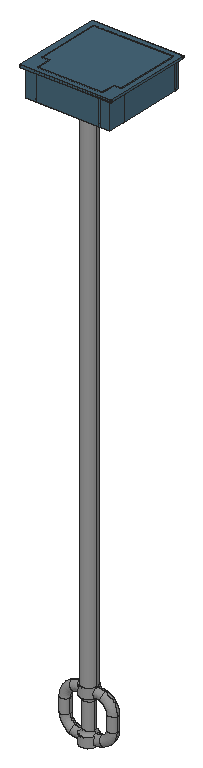
Revit family "Hydrant-Ground_Zurn-Z1365-Encased_Flush Type_Non-Freeze", category Plumbing Fixtures, host Face, Revit 2022
Family settings
  Host = Face
  Round Connector Dimension = Use Radius
  Part Type = Normal
  OmniClass Number = 23.65.70.00
  OmniClass Title = Terminals for Supplied Liquids and Gases
  Cut with Voids When Loaded = No
  Maintain Annotation Orientation = No
  Shared = No
  Room Calculation Point = No
Parameters (values of type "Load Family Type Catalog")
  Waste Connection = 1 = 0  # no
  WFU = 0  # constant formula
  Vent Connection = 1 = 0  # no
  URL = "www.zurn.com"
  Type Comments = "Z1365 - 6 Feet Depth of Bury with 2 Inch Hose Connection"
  Product data url = "https://bimobject.com/zurnindustries/product/zurn-z1365"
  Product Page URL = "https://www.zurn.com/products/building-drainage/hydrants/z1365"
  Product Installation Sheet URL = "https://files.zurn.com/care-cleaning-install-warranty-sheets/zmktg210-15_z1365_prop65.pdf"
  Product Documentation Link = "https://www.zurn.com/media-library/web_documents/pdfs/specsheets/58879-pdf"
  Nominal Radius of Hose Connection = Nominal Dia of Hose Connection / 2  # 1.000"
  Nominal Radius of Female I.P.S. = Nominal Dia of Female I.P.S. / 2  # 1.000"
  Nominal Dia of Hose Connection = 2.000"
  Nominal Dia of Female I.P.S. = 2.000"
  Modified Date = "11/14/2025"  # constant formula
  Model = "Z1365"  # constant formula
  Manufacturer Brand = "Zurn"  # constant formula
  Manufacturer = "Zurn Water, LLC"  # constant formula
  Hydrant Casing = Steel - Zurn - Galvanized
  HWFU = 0  # constant formula
  HW Connection = 1 = 0  # no
  Description = "Ground Hydrant Encased, Flush Type, Non-Freeze"  # constant formula
  Depth Of Bury = 72.000"
  Default Elevation = 48.000"
  Date Created = "11/14/2025"  # constant formula
  CWFU = 1  # constant formula
  CW Connection = 1 = 1  # yes
  Box and Cover = Iron - Zurn - Cast - Painted - Blue
  Assembly Code = "D2020100"
  Approx. Wt. = 58.000"
Reference planes (in)
  plane 1 "Center (Front/Back)": y = 0
  plane 2: z = 0
  plane 3 "Center (Left/Right)": x = 0
  plane 4: z = -71.75
  plane 5: x = -1.25
  plane 6: x = -3.25
  plane 7: x = -2.25
  plane 8: y = 1.95449
  plane 9: y = -0.04551
  plane 10: x = 5.25
  plane 11: x = 1.04
  plane 12: x = 3.04
  plane 13: z = -0.37632
  plane 14 "Hose Connection Plane": x = 2.04
  plane 15: x = -5.25
  plane 16: y = 5.62549
  plane 17: y = -5.62549
  plane 18: y = 0.95449
  plane 19 "Mid plane": z = -1.59375
  plane 20: y = -5.25
  plane 21: z = 0.25
  plane 22: y = 5.25
Lines and regions (in)
  Masking region 1, detail levels fine
    outline origin (-7.42173, -180, -0.37632) x (-1, 0, 0) y (0, -1, 0)
      loop
        line (-2.17173, -185.25) -> (-2.17173, -174.75) -> (-12.67173, -174.75) -> (-12.67173, -185.25) -> (-2.17173, -185.25)
  model lines, detail levels coarse+medium
    curve 1: line (-2.25, 1.95449, -71.75) -> (-2.25, -0.04551, -71.75)
    curve 2: line (-3.25, 0.95449, -71.75) -> (-1.25, 0.95449, -71.75)
    curve 3: line (1.04, 0.95449, -0.37632) -> (3.04, 0.95449, -0.37632)
    curve 4: line (2.04, -0.04551, -0.37632) -> (2.04, 1.95449, -0.37632)
    curve 5: line (-2.25, 0.95449, -1.59375) -> (2.04, 0.95449, -1.59375)
    curve 7: line (-2.25, 0.95449, -71.75) -> (-2.25, 0.95449, 0.25)
    curve 8: line (-5.25, 5.25, 0.25) -> (5.25, 5.25, 0.25)
    curve 9: line (-5.25, -5.25, 0.25) -> (-5.25, 5.25, 0.25)
    curve 10: line (-5.25, -5.25, 0.25) -> (5.25, -5.25, 0.25)
    curve 11: line (5.25, -5.25, 0.25) -> (5.25, 5.25, 0.25)
  model lines
    curve 6: line (2.04, 0.95449, -1.59375) -> (2.04, 0.95449, -0.37632)
Dimensions and locks (in)
  nested 1 to plane 7 = 2.250"
  equal spacing: plane 6, plane 7, plane 5
  "Nominal Radius of Female I.P.S.": plane 6 to plane 7
  plane 7 to plane 10 = 7.500"
  locked: level to plane 13 at 0.37632
  plane 14 "Hose Connection Plane" to plane 10 = 3.210"
  "Depth Of Bury": plane 4 to nested 1
  equal spacing: plane 15, plane 3 "Center (Left/Right)", plane 10
  equal spacing: plane 16, plane 1 "Center (Front/Back)", plane 17
  plane 7 to plane 5 = 1.000"  (x2)
  equal spacing: plane 11, plane 14 "Hose Connection Plane", plane 12
  "Nominal Radius of Hose Connection": plane 14 "Hose Connection Plane" to plane 12
  plane 9 to plane 8 = 2.000"
  equal spacing: plane 9, plane 18, plane 8
  "Nominal Radius of Female I.P.S.": plane 18 to plane 8
  locked: level to plane 19 "Mid plane" at 1.59375
  aligned and locked: plane 2 to host face
  aligned and locked: level to host face
  aligned and locked: plane 10 to nested 1
  aligned and locked: plane 6 to curve 2
  aligned and locked: plane 5 to curve 2
  aligned and locked: plane 8 to curve 4
  aligned and locked: curve 2 to plane 18
  aligned and locked: curve 1 to nested 1
  aligned and locked: plane 18 to nested 1
  aligned and locked: plane 7 to curve 5
  aligned and locked: plane 14 "Hose Connection Plane" to curve 5
  aligned and locked: curve 5 to plane 18
  aligned and locked: plane 13 to curve 6
  aligned and locked: plane 19 "Mid plane" to curve 6
  aligned and locked: curve 6 to plane 18
  aligned and locked: nested 1 to curve 7
  aligned and locked: plane 4 to curve 7
  aligned and locked: curve 7 to plane 7
  aligned and locked: plane 20 to nested 1
  aligned and locked: plane 15 to curve 8
  aligned and locked: plane 10 to curve 8
  aligned and locked: curve 8 to plane 22
  aligned and locked: plane 20 to curve 9
  aligned and locked: curve 9 to plane 15
  aligned and locked: plane 22 to curve 11
  aligned and locked: plane 20 to curve 11
  aligned and locked: curve 11 to plane 10
Automatic sketch dimensions
  host sketch curve to host sketch curve = 96.000"  (x2)
  plane 8 to curve 4 = 0.000"
  plane 9 to curve 4 = 0.000"
  curve 3 to plane 11 = 0.000"
  curve 4 to plane 14 "Hose Connection Plane" = 0.000"
  curve 3 to plane 12 = 0.000"
  plane 8 to curve 1 = 0.000"
  plane 9 to curve 1 = 0.000"
  curve 3 to plane 1 "Center (Front/Back)" = 0.95449"
  Masking region 1 sketch curve to plane 10 = 0.000"
  Masking region 1 sketch curve to plane 15 = 0.000"
  Masking region 1 sketch curve to plane 16 = 0.37549"
  plane 17 to Masking region 1 sketch curve = 0.37549"
Nested families (in)
  nested 1: "Z1365" at (0, 0, 0), type "Z1365", detail levels fine
Connectors (in)
  piping at (2.03125, 0.96875, -0.35547), diameter 2, driven by "Nominal Radius of Hose Connection", driven by "CW Connection"
    settings: on nested 1, index 1, connector inside diameter 609.6 mm, connector length 0.000", flow factor 0, pipe flow 0.0 L/s, pressure drop 0.0 Pa, fitting loss kfactor 0, connector angle 0.00°, fixture units 0, engagement length 0.000", angle of deflection 0.00°, flow configuration 0, flow direction 2, fitting loss method 0, system type 20, joint type 0, gender type 0, connector reference index -1, connector utility 1, adjustable connector no, is connector primary yes, connector description "Outlet"
  piping at (-2.25, 0.95449, -71.75), diameter 2, driven by "Nominal Radius of Female I.P.S.", driven by "CW Connection"
    settings: on nested 1, index 2, connector inside diameter 609.6 mm, connector length 0.000", flow factor 0, pipe flow 0.0 L/s, pressure drop 0.0 Pa, fitting loss kfactor 0, connector angle 0.00°, fixture units 0, engagement length 0.000", angle of deflection 0.00°, flow configuration 0, flow direction 1, fitting loss method 0, system type 20, joint type 0, gender type 0, connector reference index -1, connector utility 1, adjustable connector no, is connector primary no, connector description "Inlet"
Definition of nested family "Z1365"
  Parameters (values of type "Z1365")
    Hydrant Casing = none
    Diameter = 2.000"
    Depth Of Bury = 72.000"
    Default Elevation = 0.000"
    D2 = Diameter / 2  # 1.000"
    Box and Cover = none
  Reference planes (in)
    plane 1 "Center (Front/Back)": y = 0
    plane 2: z = 0
    plane 3 "Center (Left/Right)": x = 0
    plane 4: z = 0.25
    plane 5: z = -71.75
    plane 6: y = 5.25
    plane 7: x = 5.25
    plane 8: y = -5.25
    plane 9: x = -5.25
    plane 10: z = -3.1875
    plane 11: x = 2.03125
    plane 12: x = -2.25
    plane 13: x = -3.25
    plane 14: x = -3.42404
    plane 15: x = -2.25
    plane 16: y = 0.95449
  Forms (in)
    Sweep 1, solid, material <- "Box and Cover", detail levels fine
      path origin (0, 0, 0) x (1, 0, 0) y (0, 0, 1)
        loop
          line (0, 0.25) -> (0, 0)
      profile origin (0, 0, 0.125) x (0, -1, 0) y (1, 0, 0)
        loop
          arc (5.125, -5.25) -> (5.21339, -5.21339) -> (5.25, -5.125) r 0.125
          line (5.25, -5.125) -> (5.25, 5.125)
          arc (5.25, 5.125) -> (5.21339, 5.21339) -> (5.125, 5.25) r 0.125
          line (5.125, 5.25) -> (-5.125, 5.25)
          arc (-5.125, 5.25) -> (-5.21339, 5.21339) -> (-5.25, 5.125) r 0.125
          line (-5.25, 5.125) -> (-5.25, -5.125)
          arc (-5.25, -5.125) -> (-5.21339, -5.21339) -> (-5.125, -5.25) r 0.125
          line (-5.125, -5.25) -> (5.125, -5.25)
        loop
          arc (2.82291, -4.625) -> (2.9113, -4.58839) -> (2.94791, -4.5) r 0.125
          line (2.94791, -4.5) -> (2.94791, -3.75) -> (4.4375, -3.75) -> (4.49977, -3.75)
          arc (4.49977, -3.75) -> (4.58816, -3.71339) -> (4.62477, -3.625) r 0.125
          line (4.62477, -3.625) -> (4.62477, 3.625)
          arc (4.62477, 3.625) -> (4.58816, 3.71339) -> (4.49977, 3.75) r 0.125
          line (4.49977, 3.75) -> (4.4375, 3.75) -> (2.94791, 3.75) -> (2.94791, 4.5)
          arc (2.94791, 4.5) -> (2.9113, 4.58839) -> (2.82291, 4.625) r 0.125
          line (2.82291, 4.625) -> (-4.5, 4.625)
          arc (-4.5, 4.625) -> (-4.58839, 4.58839) -> (-4.625, 4.5) r 0.125
          line (-4.625, 4.5) -> (-4.625, -4.5)
          arc (-4.625, -4.5) -> (-4.58839, -4.58839) -> (-4.5, -4.625) r 0.125
          line (-4.5, -4.625) -> (2.82291, -4.625)
    Sweep 2, solid, material <- "Box and Cover", detail levels fine
      path origin (0, 0, 0) x (1, 0, 0) y (0, 0, 1)
        loop
          line (0, 0) -> (0, -3.1875)
      profile origin (0, 0, -1.59375) x (0, -1, 0) y (1, 0, 0)
        loop
          arc (2.82291, -4.625) -> (2.9113, -4.58839) -> (2.94791, -4.5) r 0.125
          line (2.94791, -4.5) -> (2.94791, -3.75) -> (4.49977, -3.75)
          arc (4.49977, -3.75) -> (4.58816, -3.71339) -> (4.62477, -3.625) r 0.125
          line (4.62477, -3.625) -> (4.62477, 3.625)
          arc (4.62477, 3.625) -> (4.58816, 3.71339) -> (4.49977, 3.75) r 0.125
          line (4.49977, 3.75) -> (2.94791, 3.75) -> (2.94791, 4.5)
          arc (2.94791, 4.5) -> (2.9113, 4.58839) -> (2.82291, 4.625) r 0.125
          line (2.82291, 4.625) -> (-4.5, 4.625)
          arc (-4.5, 4.625) -> (-4.58839, 4.58839) -> (-4.625, 4.5) r 0.125
          line (-4.625, 4.5) -> (-4.625, -4.5)
          arc (-4.625, -4.5) -> (-4.58839, -4.58839) -> (-4.5, -4.625) r 0.125
          line (-4.5, -4.625) -> (2.82291, -4.625)
        loop
          arc (2.82291, -4.90234) -> (3.10741, -4.7845) -> (3.22526, -4.5) r 0.40234
          line (3.22526, -4.5) -> (3.22526, -4.14129)
          arc (3.22526, -4.14129) -> (3.25863, -4.06072) -> (3.3392, -4.02734) r 0.11394
          line (3.3392, -4.02734) -> (4.49977, -4.02734)
          arc (4.49977, -4.02734) -> (4.78427, -3.9095) -> (4.90212, -3.625) r 0.40234
          line (4.90212, -3.625) -> (4.90212, 3.625)
          arc (4.90212, 3.625) -> (4.78427, 3.9095) -> (4.49977, 4.02734) r 0.40234
          line (4.49977, 4.02734) -> (3.33922, 4.02734)
          arc (3.33922, 4.02734) -> (3.25864, 4.06072) -> (3.22526, 4.14131) r 0.11397
          line (3.22526, 4.14131) -> (3.22526, 4.5)
          arc (3.22526, 4.5) -> (3.10741, 4.7845) -> (2.82291, 4.90234) r 0.40234
          line (2.82291, 4.90234) -> (-4.5, 4.90234)
          arc (-4.5, 4.90234) -> (-4.7845, 4.7845) -> (-4.90234, 4.5) r 0.40234
          line (-4.90234, 4.5) -> (-4.90234, -4.5)
          arc (-4.90234, -4.5) -> (-4.7845, -4.7845) -> (-4.5, -4.90234) r 0.40234
          line (-4.5, -4.90234) -> (2.82291, -4.90234)
    Sweep 3, solid, material <- "Box and Cover", detail levels fine
      path origin (0, 0, 0) x (1, 0, 0) y (0, 0, 1)
        loop
          line (0, -3.1875) -> (0, -2.91797)
      profile origin (0, 0, -3.05273) x (-1, 0, 0) y (0, -1, 0)
        loop
          arc (4.90234, 2.82291) -> (4.7845, 3.10741) -> (4.5, 3.22526) r 0.40234
          line (4.5, 3.22526) -> (4.14129, 3.22526)
          arc (4.14129, 3.22526) -> (4.06072, 3.25863) -> (4.02734, 3.3392) r 0.11394
          line (4.02734, 3.3392) -> (4.02734, 4.49977)
          arc (4.02734, 4.49977) -> (3.9095, 4.78427) -> (3.625, 4.90212) r 0.40234
          line (3.625, 4.90212) -> (-3.625, 4.90212)
          arc (-3.625, 4.90212) -> (-3.9095, 4.78427) -> (-4.02734, 4.49977) r 0.40234
          line (-4.02734, 4.49977) -> (-4.02734, 3.33922)
          arc (-4.02734, 3.33922) -> (-4.06072, 3.25864) -> (-4.14131, 3.22526) r 0.11397
          line (-4.14131, 3.22526) -> (-4.5, 3.22526)
          arc (-4.5, 3.22526) -> (-4.7845, 3.10741) -> (-4.90234, 2.82291) r 0.40234
          line (-4.90234, 2.82291) -> (-4.90234, -4.5)
          arc (-4.90234, -4.5) -> (-4.7845, -4.7845) -> (-4.5, -4.90234) r 0.40234
          line (-4.5, -4.90234) -> (4.5, -4.90234)
          arc (4.5, -4.90234) -> (4.7845, -4.7845) -> (4.90234, -4.5) r 0.40234
          line (4.90234, -4.5) -> (4.90234, 2.82291)
    Sweep 4, void
      path origin (0, 0, 0) x (1, 0, 0) y (0, 0, 1)
        loop
          line (0, -2.66797) -> (0, -3.54975)
      profile origin (0, 0, -3.10886) x (0, -1, 0) y (1, 0, 0)
        loop
          circle (-0.9375, -2.25) r 1.78125
    Revolve 5, solid, material <- "Hydrant Casing", detail levels fine
      sketch origin (0.21875, 0.95312, 0) x (1, 0, 0) y (0, 0, 1)
        loop
          arc (-3.96875, -2.41797) -> (-4.04197, -2.59475) -> (-4.21875, -2.66797) r 0.25
          line (-4.21875, -2.66797) -> (-4.40625, -2.66797)
          arc (-4.40625, -2.66797) -> (-4.45044, -2.68627) -> (-4.46875, -2.73047) r 0.0625
          line (-4.46875, -2.73047) -> (-4.46875, -2.85547)
          arc (-4.46875, -2.85547) -> (-4.45044, -2.89966) -> (-4.40625, -2.91797) r 0.0625
          line (-4.40625, -2.91797) -> (-4.09375, -2.91797)
          arc (-4.09375, -2.91797) -> (-3.95898, -3.05273) -> (-4.09375, -3.1875) r 0.13477
          line (-4.09375, -3.1875) -> (-4.19328, -3.1875) -> (-4.19328, -3.66797) -> (-4.09375, -3.66797)
          arc (-4.09375, -3.66797) -> (-4.00536, -3.70458) -> (-3.96875, -3.79297) r 0.125
          line (-3.96875, -3.79297) -> (-3.96875, -5.98047) -> (-3.65625, -5.98047) -> (-3.5625, -5.92634) -> (-3.65625, -5.87222) -> (-3.5625, -5.81809) -> (-3.65625, -5.76396) -> (-3.5625, -5.70984) -> (-3.65625, -5.65571) -> (-3.5625, -5.60158) -> (-3.65625, -5.54746) -> (-3.5625, -5.49333) -> (-3.65625, -5.4392) -> (-3.5625, -5.38508) -> (-3.65625, -5.33095) -> (-3.5625, -5.27682) -> (-3.64279, -5.23047) -> (-3.78125, -5.23047) -> (-3.78125, -3.24047)
          arc (-3.78125, -3.24047) -> (-3.74464, -3.15208) -> (-3.65625, -3.11547) r 0.125
          line (-3.65625, -3.11547) -> (-3.375, -3.11547)
          arc (-3.375, -3.11547) -> (-3.33081, -3.09716) -> (-3.3125, -3.05297) r 0.0625
          line (-3.3125, -3.05297) -> (-3.3125, -2.92797)
          arc (-3.3125, -2.92797) -> (-3.33081, -2.88377) -> (-3.375, -2.86547) r 0.0625
          line (-3.375, -2.86547) -> (-3.65625, -2.86547)
          arc (-3.65625, -2.86547) -> (-3.74464, -2.82886) -> (-3.78125, -2.74047) r 0.125
          line (-3.78125, -2.74047) -> (-3.78125, -1.79297)
          arc (-3.78125, -1.79297) -> (-3.74464, -1.70458) -> (-3.65625, -1.66797) r 0.125
          line (-3.65625, -1.66797) -> (-3.59375, -1.66797)
          arc (-3.59375, -1.66797) -> (-3.54956, -1.64966) -> (-3.53125, -1.60547) r 0.0625
          line (-3.53125, -1.60547) -> (-3.53125, -1.49047) -> (-3.59575, -1.49047) -> (-3.59575, -0.99047) -> (-3.78125, -0.99047) -> (-3.78125, -0.85547) -> (-3.71875, -0.84131) -> (-3.65625, -0.80523) -> (-3.71875, -0.76914) -> (-3.65625, -0.73306) -> (-3.71875, -0.69698) -> (-3.65625, -0.66089) -> (-3.71875, -0.62481) -> (-3.65625, -0.58872) -> (-3.71875, -0.55264) -> (-3.65625, -0.51655) -> (-3.71875, -0.48047) -> (-3.96875, -0.48047) -> (-3.96875, -2.41797)
        axis (-2.46875, -0.48047) -> (-2.46875, -5.98047)
      angle from 0 to 360
    Sweep 6, solid, material <- "Hydrant Casing", detail levels fine
      path origin (0, 0, 0) x (1, 0, 0) y (0, 0, 1)
        loop
          line (-2.25, -3.1875) -> (-2.25, -3.66797)
      profile origin (-2.25, 0, -3.42773) x (0, -1, 0) y (1, 0, 0)
        loop
          line (-2.96875, 0.84137) -> (-2.96875, -0.84137) -> (-1.77887, -2.03125) -> (-0.09613, -2.03125) -> (1.09375, -0.84137) -> (1.09375, 0.84137) -> (-0.09613, 2.03125) -> (-1.77887, 2.03125) -> (-2.96875, 0.84137)
        loop
          circle (-0.95312, 0) r 1.72453
    Sweep 7, solid, material <- "Hydrant Casing", detail levels fine
      path origin (0, 0, 0) x (1, 0, 0) y (0, 0, 1)
        loop
          line (0.5, -1.48047) -> (0.5, -2.35803)
      profile origin (0.5, 0, -1.91925) x (0, -1, 0) y (1, 0, 0)
        loop
          arc (-2.35253, -1.69718) -> (-2.37169, -2.11946) -> (-2.34687, -2.54144) r 4.06348
          arc (-2.34687, -2.54144) -> (-0.96875, -1.64585) -> (0.40937, -2.54144) r 1.50811
          arc (0.40937, -2.54144) -> (0.43419, -2.11946) -> (0.41503, -1.69718) r 4.06348
          line (0.41503, -1.69718) -> (0.08956, 1.63463)
          arc (0.08956, 1.63463) -> (-0.96875, 2.5946) -> (-2.02706, 1.63463) r 1.06335
          line (-2.02706, 1.63463) -> (-2.35253, -1.69718)
    Revolve 8, solid, material <- "Hydrant Casing", detail levels fine
      sketch origin (0, 0.96875, 0) x (1, 0, 0) y (0, 0, 1)
        loop
          line (1.34834, -0.35547) -> (1.03125, -0.35547) -> (1.03125, -1.79969) -> (1.34834, -1.79969) -> (1.34834, -0.35547)
        axis (2.03125, -0.35547) -> (2.03125, -1.79969)
      angle from 0 to 360
    Revolve 9, solid, material <- "Hydrant Casing", detail levels fine
      sketch origin (0, 0.95449, 0) x (1, 0, 0) y (0, 0, 1)
        loop
          line (-3.11729, -65.5625) -> (-3.25, -65.5625) -> (-3.25, -66.64088)
          arc (-3.25, -66.64088) -> (-2.97972, -66.81881) -> (-2.875, -67.125) r 0.5
          line (-2.875, -67.125) -> (-2.875, -70.1875)
          arc (-2.875, -70.1875) -> (-2.97972, -70.49369) -> (-3.25, -70.67162) r 0.5
          line (-3.25, -70.67162) -> (-3.25, -71.75) -> (-2.25, -71.75) -> (-2.25, -65.5625) -> (-2.25, -5.23047) -> (-3.42404, -5.23047) -> (-3.34375, -5.27682) -> (-3.4375, -5.33095) -> (-3.34375, -5.38508) -> (-3.4375, -5.4392) -> (-3.34375, -5.49333) -> (-3.4375, -5.54746) -> (-3.34375, -5.60158) -> (-3.4375, -5.65571) -> (-3.34375, -5.70984) -> (-3.4375, -5.76396) -> (-3.34375, -5.81809) -> (-3.4375, -5.87222) -> (-3.34375, -5.92634) -> (-3.4375, -5.98047) -> (-3.11729, -6.16534) -> (-3.11729, -65.5625)
        axis (-2.25, -5.23047) -> (-2.25, -71.75)
      angle from 0 to 360
    Sweep 10, solid, material <- "Hydrant Casing", detail levels fine
      path origin (0, 0, 0) x (1, 0, 0) y (0, 0, 1)
        loop
          arc (-2.87897, -71.06367) -> (-3.4325, -71.03625) -> (-3.9687, -70.89616) r 2.69463
          arc (-3.9687, -70.89616) -> (-4.70456, -70.32316) -> (-4.9829, -69.43303) r 1.5625
          line (-4.9829, -69.43303) -> (-4.9829, -67.78933)
          arc (-4.9829, -67.78933) -> (-4.70456, -66.89919) -> (-3.9687, -66.32619) r 1.5625
          arc (-3.9687, -66.32619) -> (-3.4325, -66.18611) -> (-2.87897, -66.15869) r 2.69463
      profile origin (-4.9829, 0, -68.61118) x (-1, 0, 0) y (0, -1, 0)
        loop
          circle (0, -0.95449) r 0.55118
    Sweep 11, solid, material <- "Hydrant Casing", detail levels fine
      path origin (-4.46161, 0, 0) x (-1, 0, 0) y (0, 0, 1)
        loop
          arc (-2.87897, -71.06367) -> (-3.4325, -71.03625) -> (-3.9687, -70.89616) r 2.69463
          arc (-3.9687, -70.89616) -> (-4.70456, -70.32316) -> (-4.9829, -69.43303) r 1.5625
          line (-4.9829, -69.43303) -> (-4.9829, -67.78933)
          arc (-4.9829, -67.78933) -> (-4.70456, -66.89919) -> (-3.9687, -66.32619) r 1.5625
          arc (-3.9687, -66.32619) -> (-3.4325, -66.18611) -> (-2.87897, -66.15869) r 2.69463
      profile origin (0.52128, 0, -68.61118) x (-1, 0, 0) y (0, -1, 0)
        loop
          circle (0, -0.95449) r 0.55118
    Sweep 12, solid, material <- "Box and Cover", detail levels fine
      path origin (0, 0, 0) x (1, 0, 0) y (0, 0, 1)
        loop
          line (0, 0.25) -> (0, 0)
      profile origin (0, 0, 0.125) x (0, -1, 0) y (1, 0, 0)
        loop
          arc (-4.60547, -4.5) -> (-4.57458, -4.57458) -> (-4.5, -4.60547) r 0.10547
          line (-4.5, -4.60547) -> (2.82291, -4.60547)
          arc (2.82291, -4.60547) -> (2.89749, -4.57458) -> (2.92838, -4.5) r 0.10547
          line (2.92838, -4.5) -> (2.92838, -3.73047) -> (4.49977, -3.73047)
          arc (4.49977, -3.73047) -> (4.57435, -3.69958) -> (4.60524, -3.625) r 0.10547
          line (4.60524, -3.625) -> (4.60524, 3.625)
          arc (4.60524, 3.625) -> (4.57435, 3.69958) -> (4.49977, 3.73047) r 0.10547
          line (4.49977, 3.73047) -> (2.92838, 3.73047) -> (2.92838, 4.5)
          arc (2.92838, 4.5) -> (2.89749, 4.57458) -> (2.82291, 4.60547) r 0.10547
          line (2.82291, 4.60547) -> (-4.5, 4.60547)
          arc (-4.5, 4.60547) -> (-4.57458, 4.57458) -> (-4.60547, 4.5) r 0.10547
          line (-4.60547, 4.5) -> (-4.60547, -4.5)
    Sweep 13, solid, material <- "Box and Cover", detail levels fine
      path origin (0, 0, 0) x (1, 0, 0) y (0, 0, 1)
        loop
          line (0, 0.25) -> (0, 0)
      profile origin (0, 0, 0.125) x (0, -1, 0) y (1, 0, 0)
        loop
          line (-5.25, 5.25) -> (-5.25, -5.25) -> (5.25, -5.25) -> (5.25, 5.25) -> (-5.25, 5.25)
    Sweep 14, solid, material <- "Box and Cover", detail levels fine
      path origin (0, 0, 0) x (1, 0, 0) y (0, 0, 1)
        loop
          line (0, 0) -> (0, -3.1875)
      profile origin (0, 0, -1.59375) x (0, -1, 0) y (1, 0, 0)
        loop
          line (4.90212, -4.90234) -> (4.90212, 4.90234) -> (-4.90234, 4.90234) -> (-4.90234, -4.90234) -> (4.90212, -4.90234)
    Sweep 15, solid, not visible, detail levels fine
      path origin (0, 0, 0) x (0, 1, 0) y (0, 0, 1)
        loop
          line (0.95449, -70.75) -> (0.95449, -71.75)
      profile origin (0, 0.95449, -71.25) x (1, 0, 0) y (0, 1, 0)
        loop
          circle (-2.25, 0) r 0.86729
    Sweep 16, solid, not visible, detail levels fine
      path origin (0, 0, 0) x (1, 0, 0) y (0, 0, 1)
        loop
          line (2.03125, -1.48047) -> (2.03125, -0.35547)
      profile origin (2.03125, 0, -0.91797) x (-1, 0, 0) y (0, -1, 0)
        loop
          circle (0, -0.96875) r 0.68291
  Cuts and joins
    Sweep 4 cuts Sweep 3
    joined: Sweep 1, Sweep 2, Sweep 3
    joined: Revolve 5, Sweep 7, Revolve 8
    joined: Revolve 9, Sweep 10, Sweep 11
    joined: Sweep 13, Sweep 14
  Lines and regions (in)
    Masking region 1
      outline origin (0, 0, 0) x (1, 0, 0) y (0, 1, 0)
        loop
          line (-5.25, 5.25) -> (-5.25, -5.25) -> (5.25, -5.25) -> (5.25, 5.25) -> (-5.25, 5.25)
    symbolic lines, detail levels fine
      curve 1: line (-4.60547, 4.5, 0) -> (-4.60547, -2.82291, 0)
      curve 2: arc (-4.60547, -2.82291, 0) -> (-4.57458, -2.89749, 0) -> (-4.5, -2.92838, 0) r 0.10547
      curve 3: line (-4.5, -2.92838, 0) -> (-3.73047, -2.92838, 0)
      curve 4: line (-3.73047, -2.92838, 0) -> (-3.73047, -4.49977, 0)
      curve 5: arc (-3.73047, -4.49977, 0) -> (-3.69958, -4.57435, 0) -> (-3.625, -4.60524, 0) r 0.10547
      curve 6: line (-3.625, -4.60524, 0) -> (3.625, -4.60524, 0)
      curve 7: arc (3.625, -4.60524, 0) -> (3.69958, -4.57435, 0) -> (3.73047, -4.49977, 0) r 0.10547
      curve 8: line (3.73047, -4.49977, 0) -> (3.73047, -2.92838, 0)
      curve 9: line (3.73047, -2.92838, 0) -> (4.5, -2.92838, 0)
      curve 10: arc (4.5, -2.92838, 0) -> (4.57458, -2.89749, 0) -> (4.60547, -2.82291, 0) r 0.10547
      curve 11: line (4.60547, -2.82291, 0) -> (4.60547, 4.5, 0)
      curve 12: arc (4.60547, 4.5, 0) -> (4.57458, 4.57458, 0) -> (4.5, 4.60547, 0) r 0.10547
      curve 13: line (4.5, 4.60547, 0) -> (-4.5, 4.60547, 0)
      curve 14: arc (-4.5, 4.60547, 0) -> (-4.57458, 4.57458, 0) -> (-4.60547, 4.5, 0) r 0.10547
      curve 29: line (-5.25, 0, 0) -> (-4.90234, 0, 0)
      curve 30: line (-4.90234, 0, -3.1875) -> (-4.28125, 0, -3.1875)
      curve 31: line (-4.28125, 0, -3.1875) -> (-4.28125, 0, -3.66797)
    symbolic lines, detail levels medium+fine
      curve 15: line (-4.625, -2.82291, 0) -> (-4.625, 4.5, 0)
      curve 16: arc (-4.625, 4.5, 0) -> (-4.58839, 4.58839, 0) -> (-4.5, 4.625, 0) r 0.125
      curve 17: line (-4.5, 4.625, 0) -> (4.5, 4.625, 0)
      curve 18: arc (4.5, 4.625, 0) -> (4.58839, 4.58839, 0) -> (4.625, 4.5, 0) r 0.125
      curve 19: line (4.625, 4.5, 0) -> (4.625, -2.82291, 0)
      curve 20: arc (4.625, -2.82291, 0) -> (4.58839, -2.9113, 0) -> (4.5, -2.94791, 0) r 0.125
      curve 21: line (4.5, -2.94791, 0) -> (3.75, -2.94791, 0)
      curve 22: line (3.75, -2.94791, 0) -> (3.75, -4.49977, 0)
      curve 23: arc (3.75, -4.49977, 0) -> (3.71339, -4.58816, 0) -> (3.625, -4.62477, 0) r 0.125
      curve 24: line (3.625, -4.62477, 0) -> (-3.625, -4.62477, 0)
      curve 25: arc (-3.625, -4.62477, 0) -> (-3.71339, -4.58816, 0) -> (-3.75, -4.49977, 0) r 0.125
      curve 26: line (-3.75, -4.49977, 0) -> (-3.75, -2.94791, 0)
      curve 27: line (-3.75, -2.94791, 0) -> (-4.5, -2.94791, 0)
      curve 28: arc (-4.5, -2.94791, 0) -> (-4.58839, -2.9113, 0) -> (-4.625, -2.82291, 0) r 0.125
  Dimensions and locks (in)
    locked: plane 4 to level at 0.25
    "Depth Of Bury": plane 4 to plane 5
    equal spacing: plane 9, plane 3 "Center (Left/Right)", plane 7
    locked: plane 9 to plane 7 at 10.5
    equal spacing: plane 6, plane 1 "Center (Front/Back)", plane 8
    locked: plane 6 to plane 8 at 10.5
    locked: plane 4 to plane 10 at 3.4375
    locked: plane 9 to Sweep 1 sketch curve at 0.625
    locked: Sweep 1 sketch curve to plane 8 at 0.62523
    locked: Sweep 1 sketch curve to plane 7 at 0.625
    locked: plane 6 to Sweep 1 sketch curve at 0.625
    locked: Sweep 3 sketch curve to plane 10 at 0.26953
    Sweep 4 sketch curve to plane 10 to Sweep 4 sketch curve = 0.51953" locked, 0.36225" locked
    locked: plane 10 to Sweep 6 sketch curve at 0.48047
    locked: plane 11 to plane 7 at 3.21875
    "D2": Revolve 8 sketch curve to plane 11
    locked: Revolve 8 sketch curve to Revolve 8 sketch curve at 0.31709
    locked: plane 10 to Revolve 5 sketch curve at 2.79297
    locked: plane 12 to plane 9 at 3
    locked: plane 13 to Revolve 9 sketch curve at 0.375
    "D2": plane 13 to plane 12
    locked: Revolve 9 sketch curve to plane 5 at 6.1875
    plane 4 to plane 5 = 72.000"
    Sweep 10 sketch curve to Sweep 10 sketch curve to plane 5 = 4.90498" locked, 0.68633" locked
    Sweep 10 sketch curve to Sweep 10 sketch curve to plane 5 = 1.6437" locked, 2.31697" locked
    locked: Sweep 11 sketch curve to Sweep 11 sketch curve at 4.90498
    locked: Sweep 11 sketch curve to Sweep 11 sketch curve at 1.6437
    locked: Sweep 11 sketch curve to plane 5 at 0.68633
    Sweep 15 sketch curve to plane 5 to Sweep 15 sketch curve = 1.000" locked, 0.000" locked
    locked: plane 7 to plane 15 at 7.5
    plane 9 to plane 15 = 3.000"
    radius of Sweep 7 sketch curve = 1.06335"
    aligned and locked: level to plane 2
    aligned and locked: plane 4 to Sweep 1 sketch curve
    aligned and locked: level to Sweep 1 sketch curve
    aligned and locked: plane 9 to Sweep 1 sketch curve
    aligned and locked: Sweep 1 sketch curve to plane 7
    aligned and locked: Sweep 1 sketch curve to plane 6
    aligned and locked: plane 8 to Sweep 1 sketch curve
    aligned and locked: plane 10 to Sweep 2 sketch curve
    aligned and locked: level to Sweep 2 sketch curve
    aligned and locked: Sweep 2 sketch curve to plane 3 "Center (Left/Right)"
    aligned and locked: plane 10 to Sweep 3 sketch curve
    aligned and locked: plane 10 to Sweep 6 sketch curve
    aligned and locked: plane 11 to Sweep 7 sketch curve
    aligned and locked: plane 13 to Revolve 9 sketch curve
    aligned and locked: Revolve 9 sketch curve to plane 13
    aligned and locked: plane 5 to Revolve 9 sketch curve
    aligned and locked: plane 12 to Revolve 9 sketch curve  (x2)
    aligned and locked: plane 4 to Sweep 12 sketch curve
    aligned and locked: level to Sweep 12 sketch curve
    aligned and locked: plane 4 to Sweep 13 sketch curve
    aligned and locked: level to Sweep 13 sketch curve
    aligned and locked: plane 10 to Sweep 14 sketch curve
    aligned and locked: level to Sweep 14 sketch curve
    aligned and locked: cut or joined group of Revolve 9, Sweep 10, Sweep 11 to plane 5
  Automatic sketch dimensions
    Sweep 1 sketch curve to plane 3 "Center (Left/Right)" = 0.000"
    Sweep 1 sketch curve to Sweep 1 sketch curve = 0.125"  (x8)
    Sweep 1 sketch curve to Sweep 1 sketch curve = 1.80186"  (x2)
    Sweep 1 sketch curve to Sweep 1 sketch curve = 0.18727"  (x2)
    Sweep 1 sketch curve to Sweep 1 sketch curve = 0.06227"  (x2)
    Sweep 1 sketch curve to Sweep 1 sketch curve = 1.375"
    Sweep 1 sketch curve to Sweep 1 sketch curve = 1.500"
    Sweep 2 sketch curve to Sweep 2 sketch curve = 0.000"  (x12)
    Sweep 2 sketch curve to plane 1 "Center (Front/Back)" = 4.90234"
    Sweep 2 sketch curve to Sweep 2 sketch curve = 0.27734"  (x2)
    Sweep 2 sketch curve to Sweep 2 sketch curve = 0.125"  (x5)
    plane 1 "Center (Front/Back)" to Sweep 2 sketch curve = 2.82291"  (x2)
    Sweep 2 sketch curve to Sweep 2 sketch curve = 0.11394"
    Sweep 2 sketch curve to Sweep 2 sketch curve = 0.11397"
    Sweep 2 sketch curve to Sweep 2 sketch curve = 1.16055"
    Sweep 2 sketch curve to Sweep 2 sketch curve = 1.16058"
    profile plane to Sweep 2 sketch curve = 4.90234"
    Sweep 2 sketch curve to Sweep 2 sketch curve = 0.35871"
    Sweep 2 sketch curve to profile plane = 3.625"
    Sweep 2 sketch curve to Sweep 2 sketch curve = 0.35869"
    Sweep 3 sketch curve to plane 3 "Center (Left/Right)" = 0.000"
    plane 1 "Center (Front/Back)" to Sweep 3 sketch curve = 2.82291"  (x2)
    profile plane to Sweep 3 sketch curve = 4.90234"
    Sweep 3 sketch curve to Sweep 3 sketch curve = 0.40234"  (x5)
    Sweep 3 sketch curve to Sweep 3 sketch curve = 0.35869"
    Sweep 3 sketch curve to Sweep 3 sketch curve = 0.11397"
    Sweep 3 sketch curve to profile plane = 3.625"
    Sweep 3 sketch curve to Sweep 3 sketch curve = 0.11394"
    Sweep 3 sketch curve to Sweep 3 sketch curve = 0.35871"
    Sweep 3 sketch curve to profile plane = 4.500"
    Sweep 3 sketch curve to plane 1 "Center (Front/Back)" = 4.500"
    Sweep 3 sketch curve to Sweep 3 sketch curve = 1.16058"
    Sweep 4 sketch curve to plane 3 "Center (Left/Right)" = 0.000"
    Sweep 4 sketch curve to plane 1 "Center (Front/Back)" = 0.9375"
    profile plane to Sweep 4 sketch curve = 2.250"
    Revolve 5 sketch curve to plane 10 = 0.000"
    Revolve 5 sketch curve to plane 14 = 0.000"
    Revolve 5 sketch curve to plane 14 = 0.01346"  (x15)
    Revolve 5 sketch curve to Revolve 5 sketch curve = 0.0625"  (x5)
    Revolve 5 sketch curve to Revolve 5 sketch curve = 0.000"  (x6)
    Revolve 5 sketch curve to Revolve 5 sketch curve = 0.13846"
    Revolve 5 sketch curve to Revolve 5 sketch curve = 0.125"  (x5)
    Revolve 5 sketch curve to Revolve 5 sketch curve = 0.250"  (x2)
    Revolve 5 sketch curve to Revolve 5 sketch curve = 0.3125"  (x2)
    Revolve 5 sketch curve to Revolve 5 sketch curve = 0.09953"
    Revolve 5 sketch curve to Revolve 5 sketch curve = 0.1875"
    plane 14 to Revolve 5 sketch curve = 0.04704"
    plane 14 to Revolve 5 sketch curve = 0.04904"
    plane 14 to Revolve 5 sketch curve = 0.08029"  (x7)
    Revolve 5 sketch curve to Revolve 5 sketch curve = 0.0645"
    plane 10 to Revolve 5 sketch curve = 0.07203"
    plane 14 to Revolve 5 sketch curve = 0.26779"
    Revolve 5 sketch curve to Revolve 5 sketch curve = 0.05413"  (x13)
    Revolve 5 sketch curve to Revolve 5 sketch curve = 0.10048"
    Revolve 5 sketch curve to plane 10 = 0.60547"
    Revolve 5 sketch curve to Revolve 5 sketch curve = 0.13477"
    Revolve 5 sketch curve to Revolve 5 sketch curve = 0.625"
    Revolve 5 sketch curve to Revolve 5 sketch curve = 0.115"
    Revolve 5 sketch curve to Revolve 5 sketch curve = 0.500"
    Revolve 5 sketch curve to Revolve 5 sketch curve = 0.135"
    Revolve 5 sketch curve to Revolve 5 sketch curve = 0.01416"
    Revolve 5 sketch curve to Revolve 5 sketch curve = 0.03608"
    Revolve 5 sketch curve to Revolve 5 sketch curve = 0.07217"  (x9)
    Revolve 5 sketch curve to Revolve 5 sketch curve = 1.127"
    Revolve 5 sketch curve to level = 0.73047"
    plane 14 to Sweep 6 sketch curve = 1.17404"
    Sweep 6 sketch curve to profile plane = 0.000"
    profile plane to Sweep 6 sketch curve = 0.84137"  (x2)
    Sweep 6 sketch curve to plane 1 "Center (Front/Back)" = 2.96875"
    Sweep 6 sketch curve to Sweep 6 sketch curve = 1.18988"  (x3)
    Sweep 6 sketch curve to plane 1 "Center (Front/Back)" = 0.95312"
    Sweep 6 sketch curve to plane 1 "Center (Front/Back)" = 0.09613"  (x2)
    plane 1 "Center (Front/Back)" to Sweep 6 sketch curve = 1.09375"
    profile plane to Sweep 6 sketch curve = 2.03125"
    Sweep 6 sketch curve to profile plane = 0.84137"  (x2)
    plane 3 "Center (Left/Right)" to Sweep 7 sketch curve = 0.500"
    plane 10 to Sweep 7 sketch curve = 0.82947"
    Sweep 7 sketch curve to Sweep 7 sketch curve = 0.87756"
    Sweep 7 sketch curve to plane 1 "Center (Front/Back)" = 3.6292"
    Sweep 7 sketch curve to Sweep 7 sketch curve = 1.27667"  (x2)
    Sweep 7 sketch curve to plane 1 "Center (Front/Back)" = 2.02706"
    Sweep 7 sketch curve to plane 1 "Center (Front/Back)" = 0.96875"  (x2)
    plane 1 "Center (Front/Back)" to Sweep 7 sketch curve = 0.08956"
    plane 1 "Center (Front/Back)" to Sweep 7 sketch curve = 0.41503"
    profile plane to Sweep 7 sketch curve = 1.69718"  (x2)
    Sweep 7 sketch curve to Sweep 7 sketch curve = 0.39506"  (x2)
    Sweep 7 sketch curve to Sweep 7 sketch curve = 1.45679"
    Sweep 7 sketch curve to Sweep 7 sketch curve = 0.00566"
    plane 9 to Sweep 10 sketch curve = 0.2671"
    plane 14 to Sweep 10 sketch curve = 0.00364"  (x2)
    plane 14 to Sweep 10 sketch curve = 0.40093"  (x2)
    Sweep 10 sketch curve to Sweep 10 sketch curve = 0.58356"
    Sweep 10 sketch curve to Sweep 10 sketch curve = 0.47658"
    Sweep 10 sketch curve to Sweep 10 sketch curve = 0.000"  (x2)
    Sweep 10 sketch curve to plane 1 "Center (Front/Back)" = 0.95449"
    Sweep 10 sketch curve to profile plane = 0.000"
    Sweep 12 sketch curve to plane 3 "Center (Left/Right)" = 0.000"
    Sweep 12 sketch curve to plane 1 "Center (Front/Back)" = 4.60547"
    Sweep 12 sketch curve to Sweep 12 sketch curve = 0.10547"  (x5)
    plane 1 "Center (Front/Back)" to Sweep 12 sketch curve = 2.82291"  (x2)
    Sweep 12 sketch curve to Sweep 12 sketch curve = 1.57139"  (x2)
    profile plane to Sweep 12 sketch curve = 4.60547"
    Sweep 12 sketch curve to Sweep 12 sketch curve = 0.76953"
    Sweep 12 sketch curve to profile plane = 3.625"
    Sweep 12 sketch curve to profile plane = 4.500"
    Sweep 13 sketch curve to plane 3 "Center (Left/Right)" = 0.000"
    Sweep 14 sketch curve to plane 3 "Center (Left/Right)" = 0.000"
    Sweep 14 sketch curve to plane 1 "Center (Front/Back)" = 4.90234"
    profile plane to Sweep 14 sketch curve = 4.90234"
    plane 1 "Center (Front/Back)" to Sweep 14 sketch curve = 4.90212"
    Sweep 14 sketch curve to profile plane = 4.90234"
    plane 9 to curve 1 = 0.64453"
    curve 1 to curve 3 = 0.10547"
    curve 14 to curve 14 = 0.10547"
    curve 3 to plane 14 = 0.30643"
    curve 5 to curve 5 = 0.10547"
    plane 8 to curve 6 = 0.64476"
    curve 6 to plane 11 = 1.59375"
    curve 8 to plane 7 = 1.51953"
    curve 9 to plane 7 = 0.750"
    curve 12 to plane 7 = 0.750"
    curve 12 to curve 11 = 0.10547"
    curve 5 to curve 4 = 1.57139"
    curve 8 to curve 9 = 1.57139"
    curve 1 to plane 6 = 0.750"
    curve 2 to curve 28 = 0.000"  (x2)
    curve 5 to curve 25 = 0.000"  (x2)
    curve 7 to curve 23 = 0.000"  (x2)
    curve 10 to curve 20 = 0.000"  (x2)
    curve 12 to curve 18 = 0.000"  (x2)
    curve 14 to curve 16 = 0.000"  (x2)
    curve 15 to curve 14 = 0.01953"
    curve 26 to curve 4 = 0.01953"
    Sweep 11 sketch curve to plane 3 "Center (Left/Right)" = 0.52128"
    plane 3 "Center (Left/Right)" to Sweep 11 sketch curve = 1.04122"  (x2)
    Sweep 11 sketch curve to Sweep 11 sketch curve = 0.39728"
    Sweep 11 sketch curve to Sweep 11 sketch curve = 0.000"  (x3)
    Sweep 11 sketch curve to Sweep 11 sketch curve = 1.63064"
    Sweep 11 sketch curve to Sweep 11 sketch curve = 0.58356"
    Sweep 11 sketch curve to Sweep 11 sketch curve = 0.47658"
    Sweep 11 sketch curve to profile plane = 0.000"
    Sweep 11 sketch curve to plane 1 "Center (Front/Back)" = 0.95449"
    profile plane to Sweep 15 sketch curve = 0.000"
    Sweep 15 sketch curve to plane 3 "Center (Left/Right)" = 2.250"
    Sweep 16 sketch curve to profile plane = 0.000"
    Sweep 16 sketch curve to plane 1 "Center (Front/Back)" = 0.96875"
    Sweep 15 sketch curve to plane 1 "Center (Front/Back)" = 0.95449"
    plane 11 to Sweep 16 sketch curve = 0.000"
    Sweep 16 sketch curve to level = 1.48047"
    Sweep 16 sketch curve to level = 0.35547"
    Sweep 13 sketch curve to plane 1 "Center (Front/Back)" = 5.250"
    plane 1 "Center (Front/Back)" to Sweep 13 sketch curve = 5.250"
    profile plane to Sweep 13 sketch curve = 5.250"
    Sweep 13 sketch curve to profile plane = 5.250"
    Masking region 1 sketch curve to plane 8 = 0.000"
    Masking region 1 sketch curve to plane 9 = 0.000"
    Masking region 1 sketch curve to plane 7 = 0.000"
    Masking region 1 sketch curve to plane 6 = 0.000"
    curve 29 to level = 0.000"
    curve 29 to plane 9 = 0.000"
    curve 31 to plane 10 = 0.48047"
    plane 9 to curve 29 = 0.34766"
    curve 31 to plane 10 = 0.000"
    plane 9 to curve 30 = 0.34766"
    curve 30 to curve 31 = 0.62109"
    plane 11 to Revolve 8 sketch curve = 0.000"
    plane 10 to Revolve 8 sketch curve = 1.38781"
    Revolve 8 sketch curve to level = 0.35547"  (x2)
    Revolve 8 sketch curve to Revolve 8 sketch curve = 0.19422"
    Revolve 9 sketch curve to plane 14 = 0.000"
    Revolve 9 sketch curve to plane 14 = 0.01346"  (x7)
    plane 14 to Revolve 9 sketch curve = 0.04904"  (x2)
    plane 14 to Revolve 9 sketch curve = 0.08029"  (x7)
    Revolve 9 sketch curve to Revolve 9 sketch curve = 0.13271"
    Revolve 9 sketch curve to Revolve 9 sketch curve = 1.07838"
    Revolve 9 sketch curve to Revolve 9 sketch curve = 1.5625"
    Revolve 9 sketch curve to Revolve 9 sketch curve = 0.000"
    Revolve 9 sketch curve to plane 10 = 2.97784"
    Revolve 9 sketch curve to Revolve 9 sketch curve = 0.18487"
    Revolve 9 sketch curve to Revolve 9 sketch curve = 0.05413"  (x11)
    Revolve 9 sketch curve to Revolve 9 sketch curve = 0.10825"  (x2)
    Revolve 9 sketch curve to Revolve 9 sketch curve = 0.04635"
    Revolve 9 sketch curve to Revolve 9 sketch curve = 0.39079"
    Revolve 9 sketch curve to Revolve 9 sketch curve = 0.57829"
    radius of Sweep 4 sketch curve = 1.78125"
    radius of Sweep 6 sketch curve = 1.72453"
    radius of Sweep 10 sketch curve = 0.55118"
    radius of Sweep 11 sketch curve = 0.55118"
    radius of Sweep 15 sketch curve = 0.86729"
    radius of Sweep 16 sketch curve = 0.68291"
Types in the file's own list only (15): name | Type Comments | Nominal Radius of Hose Connection | Nominal Radius of Female I.P.S. | Nominal Dia of Hose Connection | Nominal Dia of Female I.P.S. | Depth Of Bury | Default Elevation | Approx. Wt.
  Z1365 - 2' Depth of Bury w/2" Hose Connection | "Z1365 - 2 Feet Depth of Bury with 2 Inch Hose Connection" | 1.000 " | 1.000 " | 2.000 " | 2.000 " | 24.000 " | 48.000 " | 42.000 "
  Z1365 - 6' Depth of Bury w/2" Hose Connection | "Z1365 - 6 Feet Depth of Bury with 2 Inch Hose Connection" | 1.000 " | 1.000 " | 2.000 " | 2.000 " | 72.000 " | 48.000 " | 58.000 "
  Z1365 - 5' Depth of Bury w/2" Hose Connection | "Z1365 - 5 Feet Depth of Bury with 2 Inch Hose Connection" | 1.000 " | 1.000 " | 2.000 " | 2.000 " | 60.000 " | 48.000 " | 54.000 "
  Z1365 - 4' Depth of Bury w/2" Hose Connection | "Z1365 - 4 Feet Depth of Bury with 2 Inch Hose Connection" | 1.000 " | 1.000 " | 2.000 " | 2.000 " | 48.000 " | 48.000 " | 50.000 "
  Z1365 - 3' Depth of Bury w/2" Hose Connection | "Z1365 - 3 Feet Depth of Bury with 2 Inch Hose Connection" | 1.000 " | 1.000 " | 2.000 " | 2.000 " | 36.000 " | 48.000 " | 46.000 "
  Z1365 - 6' Depth of Bury w/1 1/4" Hose Connection | "Z1365 - 6 Feet Depth of Bury with 1 1/4 Inch Hose Connection" | 0.625 " | 0.625 " | 1.250 " | 1.250 " | 72.000 " | 48.000 " | 58.000 "
  Z1365 - 5' Depth of Bury w/1 1/4" Hose Connection | "Z1365 - 5 Feet Depth of Bury with 1 1/4 Inch Hose Connection" | 0.625 " | 0.625 " | 1.250 " | 1.250 " | 60.000 " | 48.000 " | 54.000 "
  Z1365 - 4' Depth of Bury w/1 1/4" Hose Connection | "Z1365 - 4 Feet Depth of Bury with 1 1/4 Inch Hose Connection" | 0.625 " | 0.625 " | 1.250 " | 1.250 " | 48.000 " | 48.000 " | 50.000 "
  Z1365 - 3' Depth of Bury w/1 1/4" Hose Connection | "Z1365 - 3 Feet Depth of Bury with 1 1/4 Inch Hose Connection" | 0.625 " | 0.625 " | 1.250 " | 1.250 " | 36.000 " | 48.000 " | 46.000 "
  Z1365 - 2' Depth of Bury w/1 1/4" Hose Connection | "Z1365 - 3 Feet Depth of Bury with 1 1/4 Inch Hose Connection" | 0.625 " | 0.625 " | 1.250 " | 1.250 " | 24.000 " | 48.000 " | 42.000 "
  Z1365 - 6' Depth of Bury w/1 1/2" Hose Connection | "Z1365 - 6 Feet Depth of Bury with 1 1/2 Inch Hose Connection" | 0.750 " | 0.750 " | 1.500 " | 1.500 " | 72.000 " | 48.000 " | 58.000 "
  Z1365 - 5' Depth of Bury w/1 1/2" Hose Connection | "Z1365 - 3 Feet Depth of Bury with 1 1/2 Inch Hose Connection" | 0.750 " | 0.750 " | 1.500 " | 1.500 " | 60.000 " | 48.000 " | 54.000 "
  Z1365 - 4' Depth of Bury w/1 1/2" Hose Connection | "Z1365 - 4 Feet Depth of Bury with 1 1/2 Inch Hose Connection" | 0.750 " | 0.750 " | 1.500 " | 1.500 " | 48.000 " | 48.000 " | 50.000 "
  Z1365 - 3' Depth of Bury w/1 1/2" Hose Connection | "Z1365 - 3 Feet Depth of Bury with 1 1/2 Inch Hose Connection" | 0.750 " | 0.750 " | 1.500 " | 1.500 " | 36.000 " | 48.000 " | 46.000 "
  Z1365 - 2' Depth of Bury w/1 1/2" Hose Connection | "Z1365 - 3 Feet Depth of Bury with 1 1/2 Inch Hose Connection" | 0.750 " | 0.750 " | 1.500 " | 1.500 " | 24.000 " | 48.000 " | 42.000 "
